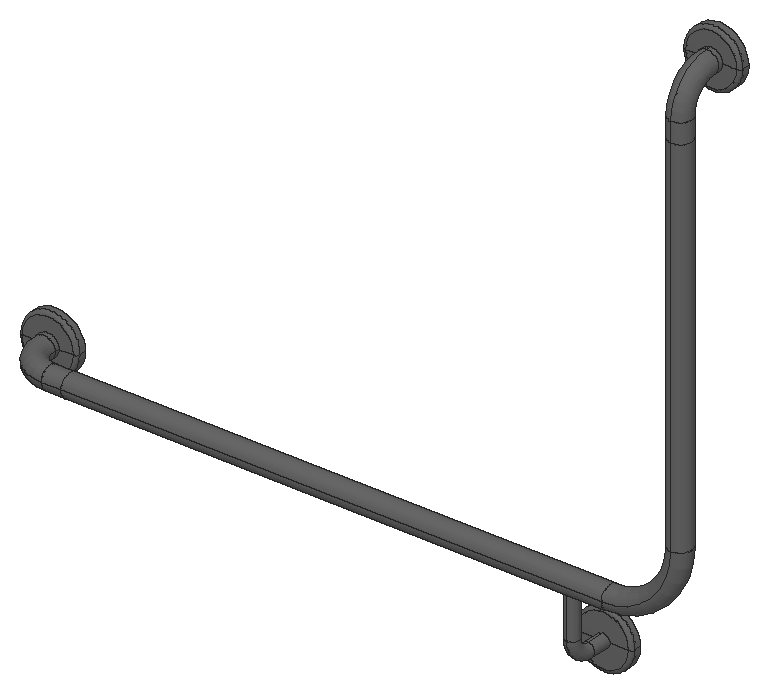
Revit family "rba-bim-rba4095-901", category Plumbing Fixtures, Revit 2018
Family settings
  Round Connector Dimension = Use Diameter
  Part Type = Normal
  Work Plane-Based = No
  Always vertical = Yes
  Cut with Voids When Loaded = No
  Shared = No
  Room Calculation Point = No
Parameters (values of type "RBA4095-901")
  Watermarked By = "www.rba.com.au"
  URL = "www.rba.com.au"
  R_Void [instance] = 15.00 mm
  R [instance] = 0.00 mm
  Phone Number = ""
  Modified Issue = "20211007.01"
  Model = "RBA4095-901"
  Materials and Finishes = Stainless Steel Matte Black Finish
  Manufacturer Model = "B819436"
  Manufacturer = "RBA Group"  # constant formula
  Description = "90° Angled Grab Rails, LH"
  Copyright by = "RBA Group"  # constant formula
  Assembly Code = ""
Reference planes
  plane 1 "Center (Front/Back)": y = 0
  plane 2: z = 0
  plane 3: x = 40.5
  plane 4: z = -30
  plane 5: z = 30
  plane 6: x = 70.5
  plane 7: x = 10.5
  plane 8: x = 990.5
  plane 9: x = 515.5
  plane 10: z = 670
  plane 11: z = 730
  plane 12: x = 960.5
  plane 13: x = 1020.5
  plane 14: z = 700
  plane 15: z = -130
  plane 16: z = -70
  plane 17: x = 865.5
  plane 18: x = 805.5
  plane 19: x = 835.5
  plane 20: z = -100
  plane 21: x = 974.5
  plane 22: z = 16
  plane 23: y = -70
  plane 24: y = -86
  plane 25: y = -54
  plane 26: y = -79.5
  plane 27: y = -60.5
Forms (mm)
  Extrusion 1, solid, material "Stainless Steel Matte Black Finish" <- "Materials and Finishes"
    sketch origin (40.5, -2.628, 315.907) x (0, 0, -1) y (-1, 0, 0)
      loop
        circle (315.907, 0) r 40
    from -0.219 to 2.628
  Revolve 2, solid, material "Stainless Steel Matte Black Finish" <- "Materials and Finishes"
    sketch origin (40.5, 18.663, 0) x (0, -1, 0) y (1, 0, 0)
      loop
        line (18.663, 0) -> (18.663, -41.5) -> (27.844, -41.5)
        arc (27.844, -41.5) -> (31.337, -40.077) -> (32.842, -36.617) r 5
        line (32.842, -36.617) -> (33.701, 0) -> (18.663, 0)
      axis (18.663, 0) -> (33.701, 0)
    angle from 0 to 360
  Extrusion 3, void
    sketch origin (40.5, 34.941, 315.907) x (0, 0, -1) y (-1, 0, 0)
      loop
        circle (315.907, -30) r 5
      loop
        circle (315.907, 30) r 5
    from -37.788 to -30
  Sweep 4, solid, material "Stainless Steel Matte Black Finish" <- "Materials and Finishes"
    path origin (40.5, 12.454, 0) x (0, -1, 0) y (-1, 0, 0)
      loop
        line (12.454, 0) -> (34.454, 0)
        arc (34.454, 0) -> (68.395, -14.059) -> (82.454, -48) r 48
        line (82.454, -48) -> (82.454, -76)
    profile origin (40.5, -11, 0) x (1, 0, 0) y (0, 0, 1)
      loop
        circle (0, 0) r 16
  Extrusion 5, solid, material "Stainless Steel Matte Black Finish" <- "Materials and Finishes"
    sketch origin (990.5, -2.628, 1015.907) x (0, 0, -1) y (-1, 0, 0)
      loop
        circle (315.907, 0) r 40
    from -0.219 to 2.628
  Extrusion 6, void
    sketch origin (990.5, 34.941, 1015.907) x (0, 0, -1) y (-1, 0, 0)
      loop
        circle (315.907, 30) r 5
      loop
        circle (315.907, -30) r 5
    from -37.788 to -30
  Sweep 7, solid, material "Stainless Steel Matte Black Finish" <- "Materials and Finishes"
    path origin (1690.5, 12.454, 700) x (0, -1, 0) y (0, 0, 1)
      loop
        line (12.454, 0) -> (34.454, 0)
        arc (34.454, 0) -> (68.395, -14.059) -> (82.454, -48) r 48
        line (82.454, -48) -> (82.454, -76)
    profile origin (1690.5, -11, 700) x (0, 0, 1) y (-1, 0, 0)
      loop
        circle (0, 700) r 16
  Revolve 8, solid, material "Stainless Steel Matte Black Finish" <- "Materials and Finishes"
    sketch origin (990.5, 18.663, 700) x (0, -1, 0) y (1, 0, 0)
      loop
        line (18.663, 0) -> (33.701, 0) -> (32.842, 36.617)
        arc (32.842, 36.617) -> (31.337, 40.077) -> (27.844, 41.5) r 5
        line (27.844, 41.5) -> (18.663, 41.5) -> (18.663, 0)
      axis (18.663, 0) -> (33.701, 0)
    angle from 0 to 360
  Sweep 9, solid, material "Stainless Steel Matte Black Finish" <- "Materials and Finishes"
    path origin (0, 0, 0) x (1, 0, 0) y (0, 0, 1)
      loop
        line (116.5, 0) -> (890.5, 0)
        arc (890.5, 0) -> (961.211, 29.289) -> (990.5, 100) r 100
        line (990.5, 100) -> (990.5, 624)
    profile origin (503.5, 0, 0) x (0, 0, 1) y (0, -1, 0)
      loop
        circle (0, 70) r 16
  Extrusion 10, solid, material "Stainless Steel Matte Black Finish" <- "Materials and Finishes"
    sketch origin (835.5, -2.628, 215.907) x (0, 0, -1) y (-1, 0, 0)
      loop
        circle (315.907, 0) r 40
    from -0.219 to 2.628
  Revolve 11, solid, material "Stainless Steel Matte Black Finish" <- "Materials and Finishes"
    sketch origin (835.5, 18.663, -100) x (0, -1, 0) y (1, 0, 0)
      loop
        line (18.663, 0) -> (18.663, -41.5) -> (27.844, -41.5)
        arc (27.844, -41.5) -> (31.337, -40.077) -> (32.842, -36.617) r 5
        line (32.842, -36.617) -> (33.701, 0) -> (18.663, 0)
      axis (18.663, 0) -> (33.701, 0)
    angle from 0 to 360
  Sweep 12, solid, material "Stainless Steel Matte Black Finish" <- "Materials and Finishes"
    path origin (835.5, 12.454, -100) x (0, -1, 0) y (0, 0, -1)
      loop
        line (12.454, 0) -> (54.454, 0)
        arc (54.454, 0) -> (74.253, -8.201) -> (82.454, -28) r 28
        line (82.454, -28) -> (82.454, -100)
    profile origin (835.5, -21, -100) x (0, 0, -1) y (1, 0, 0)
      loop
        circle (0, 0) r 9.5
  Extrusion 13, void
    sketch origin (835.5, 34.941, 215.907) x (0, 0, -1) y (-1, 0, 0)
      loop
        circle (315.907, -30) r 5
      loop
        circle (315.907, 30) r 5
    from -37.788 to -30
Cuts and joins
  Extrusion 3, Extrusion 6, Extrusion 13 cuts Extrusion 1
  Extrusion 3, Extrusion 6, Extrusion 13 cuts Revolve 2
  Extrusion 13 cuts Sweep 4
  Extrusion 6 cuts Revolve 8
  Extrusion 13 cuts Revolve 11
  joined: Revolve 2, Sweep 4, Sweep 7, Revolve 8, Sweep 9, Revolve 11, Sweep 12
  Extrusion 6 cuts Extrusion 5
  Extrusion 13 cuts Extrusion 10
Dimensions and locks
  Revolve 2 sketch curve to Revolve 2 sketch curve = 41.50 mm
  plane 5 to level to plane 4 = 30.00 mm, 30.00 mm
  plane 7 to plane 6 = 60.00 mm
  plane 11 to plane 10 = 60.00 mm
  plane 12 to plane 13 = 60.00 mm
  Revolve 8 sketch curve to Revolve 8 sketch curve = 41.50 mm
  Revolve 11 sketch curve to Revolve 11 sketch curve = 41.50 mm
  plane 16 to plane 15 = 60.00 mm
  plane 18 to plane 17 = 60.00 mm
  level to plane 20 = 100.00 mm
  plane 14 to level = 700.00 mm
  plane 8 to plane 19 = 155.00 mm
  plane 8 to plane 3 = 950.00 mm
  radius of Extrusion 1 sketch curve = 40.00 mm
  radius of Sweep 4 sketch curve = 16.00 mm
  radius of Extrusion 5 sketch curve = 40.00 mm
  radius of Sweep 7 sketch curve = 16.00 mm
  radius of Extrusion 10 sketch curve = 40.00 mm
  radius of Sweep 12 sketch curve = 9.50 mm
  aligned and locked: Revolve 2 to Extrusion 1
  aligned and locked: Revolve 11 to Extrusion 10
